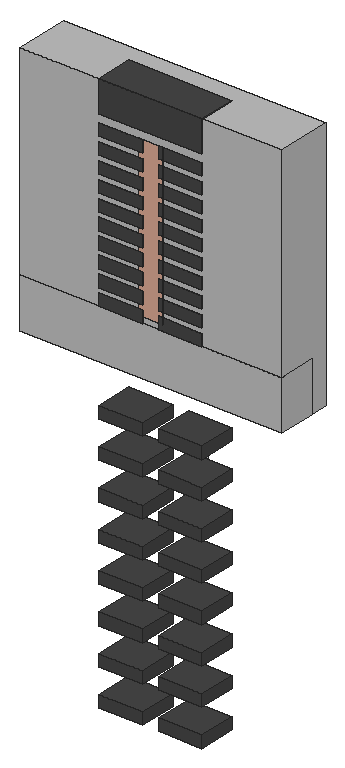
Revit family "Circuit-Breaker-Panel", category Electrical Fixtures, host Wall, Revit 2026
Family settings
  Host = Wall
  Round Connector Dimension = Use Diameter
  Part Type = Normal
  Classification Number = 23.80.40.14
  Always vertical = Yes
  Cut with Voids When Loaded = No
  Maintain Annotation Orientation = No
  Shared = No
  Room Calculation Point = No
Parameters (values of type "100A Panel")
  bbheight = if(Maximum Amps < 200, 0' 10", 1' 8")  # 0' - 10"
  Warranty Duration (Years) = 2
  UL Listed = yes
  Type Comments = "200A Electrical Service Panel"
  Test Data = ""
  Product Properties = "http://www.arcat.com/bim/bim_info.pl?fn=Circuit-Breaker-Panel"
  Manufacturer Website = "http://www.arcat.com/"
  Manufacturer Phone - Toll Free = ""
  Manufacturer Phone = "(203) 939-9444"  # constant formula
  Manufacturer Fax = "(203) 939-2444"  # constant formula
  Manufacturer Email = "bim@arcat.com"  # constant formula
  Manufacturer Address = "1077 Bridgeport Ave, Shelton, CT  06484"  # constant formula
  Lug Count = 40
  Specification = "http://www.arcat.com/divs/sec/sec16410.shtml"
  Sales Information = ""
  Product Data = "http://www.arcat.com/divs/sec/sec16410.shtml"
  Mounting Height = 5' - 0"
  Model = "Generic"
  Manufacturer = "Generic"
  Maintainence Schedule (Months) = 24
  Keynote = "16410"
  Installation_Fabricaton = ""
  Installation Phase = "Rough Electrical"
  Gross Width = 1' - 4 1/2"
  Gross Projection = 0' - 0 1/4"
  Gross Height = if(Maximum Amps < 200, 1' 4", 2' 6")  # 1' - 4"
  Gross Depth = 0' - 3 1/2"
  Green Building-LEED = "http://www.arcat.com/green/green_building.shtml"
  Finish [instance] = Steel - Gray
  Expected Lifespan (Years) = 50
  Drawn By = "Robert S. Weygant, CSI, CDT, SCIP"  # constant formula
  Description = "200A Electrical Service Panel"
  Default Elevation = 0' - 0"
  Copyright = "2008, ARCAT, Inc."  # constant formula
  Construction Details = "http://www.arcat.com/divs/sec/sec16410.shtml"
  Circuit 9 - (NAME) = 15
  Circuit 8 - (NAME) = 20
  Circuit 7 - (NAME) = 10
  Circuit 6 - (NAME) = 10
  Circuit 5 - (NAME) = 30
  Circuit 4 - (NAME) = 10
  Circuit 3 - (NAME) = 15
  Circuit 2 - (NAME) = 10
  Circuit 1 - (NAME) = 20
  CircArray = if(Maximum Amps < 200, 10, 20)  # 10
  Building Codes = "http://www.nfpa.org/freecodes/free_access_agreement.asp?id=7008SB"
  Assembly Code = "D5010200"
  Maximum Amps = 100
Types (3): name | bbheight | Mounting Height | Gross Height | Circuit 8 - (NAME) | Circuit 7 - (NAME) | Circuit 5 - (NAME) | Circuit 4 - (NAME) | Circuit 3 - (NAME) | Circuit 2 - (NAME) | Circuit 1 - (NAME) | CircArray | Maximum Amps
  (no name) | 0' - 10" | 5' - 0" | 1' - 4" | 20 | 10 | 30 | 10 | 15 | 10 | 20 | 10 | 100
  200A Panel | 1' - 8" | 6' - 0" | 2' - 6" | 10 | 20 | 20 | 30 | 10 | 15 | 10 | 20 | 200
  100A Panel | 0' - 10" | 5' - 0" | 1' - 4" | 20 | 10 | 30 | 10 | 15 | 10 | 20 | 10 | 100
Reference planes (in)
  plane 1: y = -1
  plane 2 "Center (Left/Right)": x = 0.0468
  plane 3 "Wall Edge": y = 2.5
  plane 4 "Top": z = 60
  plane 5: z = 44
  plane 6 "Left": x = 8.2968
  plane 7 "Right": x = -8.2032
  plane 8: z = 52
  plane 9 "Projection": y = 2.75
  plane 10 "Wall Face": y = 2.5
  plane 11: z = 0
  plane 12: x = 0.0468
  plane 13: z = 37.875
  plane 14: y = 3.25
Forms (in)
  Blend 1, solid, material "Steel - Gray" <- "Finish"
    base sketch origin (0, 3.25, 0) x (0, 0, -1) y (-1, 0, 0)
      loop
        line (-60, -8.2968) -> (-44, -8.2968) -> (-44, 8.2032) -> (-60, 8.2032) -> (-60, -8.2968)
    top sketch origin (0, 2.75, 0) x (0, 0, -1) y (-1, 0, 0)
      loop
        line (-59.75, -8.0468) -> (-44.25, -8.0468) -> (-44.25, 7.9532) -> (-59.75, 7.9532) -> (-59.75, -8.0468)
    from -0.75 to 0
  Extrusion 2, solid, material "Plastic - White", not visible
    sketch origin (-0.0782, 0, 0) x (0, 1, 0) y (0, 0, 1)
      loop
        line (3, 37.875) -> (3, 37.45959) -> (3.76386, 38.47327)
        arc (3.76386, 38.47327) -> (3.77584, 38.51958) -> (3.75156, 38.5608) r 0.0625
        line (3.75156, 38.5608) -> (3.65173, 38.63602)
        arc (3.65173, 38.63602) -> (3.60542, 38.648) -> (3.5642, 38.62372) r 0.0625
        line (3.5642, 38.62372) -> (3, 37.875)
    from 0 to 0.25
  Extrusion 3, solid, material "Plastic - White", not visible
    sketch origin (0, 3, 0) x (0, 0, 1) y (-1, 0, 0)
      loop
        line (38.42184, -0.21794) -> (38.42184, 0.12433) -> (37.37633, 0.12433) -> (37.37633, -0.21794) -> (38.42184, -0.21794)
      loop
        line (38.35789, -0.1718) -> (38.35789, 0.0782) -> (37.45959, 0.0782) -> (37.45959, -0.1718) -> (38.35789, -0.1718)
    from 0 to -0.3125
  Extrusion 4, solid, material "Steel - Gray" <- "Finish"
    sketch origin (0, 2.5, 0) x (0, 0, 1) y (-1, 0, 0)
      loop
        line (60, -8.2968) -> (60, 8.2032) -> (44, 8.2032) -> (44, -8.2968) -> (60, -8.2968)
    from 0 to 3.5
  Extrusion 5, void
    sketch origin (0, 2.5, 0) x (0, 0, 1) y (-1, 0, 0)
      loop
        line (59.75, -8.0468) -> (59.75, 7.9532) -> (44.25, 7.9532) -> (44.25, -8.0468) -> (59.75, -8.0468)
    from -0.25 to 3.4375
  Extrusion 6, solid, material "Copper"
    sketch origin (0.75, 2.5, 0) x (0, 0, 1) y (-1, 0, 0)
      loop
        line (57.51251, -0.0468) -> (57.51251, 1.4532) -> (47.51251, 1.4532) -> (47.51251, -0.0468) -> (57.51251, -0.0468)
    from 1.35876 to 3.5
  Extrusion 7, solid, material "Plastic - Black"
    sketch origin (-0.5, 2.5, 4.2834) x (0, 0, 1) y (-1, 0, 0)
      loop
        line (37.22911, -0.0468) -> (37.22911, 2.7032) -> (36.47911, 2.7032) -> (36.47911, -0.0468) -> (37.22911, -0.0468)
    from 1.13128 to 3.5
  Extrusion 8, solid, material "Plastic - Black"
    sketch origin (0.59361, 2.5, 4.2834) x (0, 0, 1) y (-1, 0, 0)
      loop
        line (37.22911, 0.0468) -> (36.47911, 0.0468) -> (36.47911, -2.7032) -> (37.22911, -2.7032) -> (37.22911, 0.0468)
    from 1.13128 to 3.5
  Extrusion 9, solid, material "Plastic - Black"
    sketch origin (-0.5, 2.5, 1.95007) x (0, 0, 1) y (-1, 0, 0)
      loop
        line (37.22911, -0.0468) -> (37.22911, 2.7032) -> (36.47911, 2.7032) -> (36.47911, -0.0468) -> (37.22911, -0.0468)
    from 1.13128 to 3.5
  Extrusion 10, solid, material "Plastic - Black"
    sketch origin (0.59361, 2.5, 1.95007) x (0, 0, 1) y (-1, 0, 0)
      loop
        line (37.22911, 0.0468) -> (36.47911, 0.0468) -> (36.47911, -2.7032) -> (37.22911, -2.7032) -> (37.22911, 0.0468)
    from 1.13128 to 3.5
  Extrusion 11, solid, material "Plastic - Black"
    sketch origin (-0.5, 2.5, -0.38327) x (0, 0, 1) y (-1, 0, 0)
      loop
        line (37.22911, -0.0468) -> (37.22911, 2.7032) -> (36.47911, 2.7032) -> (36.47911, -0.0468) -> (37.22911, -0.0468)
    from 1.13128 to 3.5
  Extrusion 12, solid, material "Plastic - Black"
    sketch origin (0.59361, 2.5, -0.38327) x (0, 0, 1) y (-1, 0, 0)
      loop
        line (37.22911, 0.0468) -> (36.47911, 0.0468) -> (36.47911, -2.7032) -> (37.22911, -2.7032) -> (37.22911, 0.0468)
    from 1.13128 to 3.5
  Extrusion 13, solid, material "Plastic - Black"
    sketch origin (-0.5, 2.5, -2.7166) x (0, 0, 1) y (-1, 0, 0)
      loop
        line (37.22911, -0.0468) -> (37.22911, 2.7032) -> (36.47911, 2.7032) -> (36.47911, -0.0468) -> (37.22911, -0.0468)
    from 1.13128 to 3.5
  Extrusion 14, solid, material "Plastic - Black"
    sketch origin (0.59361, 2.5, -2.7166) x (0, 0, 1) y (-1, 0, 0)
      loop
        line (37.22911, 0.0468) -> (36.47911, 0.0468) -> (36.47911, -2.7032) -> (37.22911, -2.7032) -> (37.22911, 0.0468)
    from 1.13128 to 3.5
  Extrusion 15, solid, material "Plastic - Black"
    sketch origin (-0.5, 2.5, -5.04993) x (0, 0, 1) y (-1, 0, 0)
      loop
        line (37.22911, -0.0468) -> (37.22911, 2.7032) -> (36.47911, 2.7032) -> (36.47911, -0.0468) -> (37.22911, -0.0468)
    from 1.13128 to 3.5
  Extrusion 16, solid, material "Plastic - Black"
    sketch origin (0.59361, 2.5, -5.04993) x (0, 0, 1) y (-1, 0, 0)
      loop
        line (37.22911, 0.0468) -> (36.47911, 0.0468) -> (36.47911, -2.7032) -> (37.22911, -2.7032) -> (37.22911, 0.0468)
    from 1.13128 to 3.5
  Extrusion 17, solid, material "Plastic - Black"
    sketch origin (-0.5, 2.5, -7.38327) x (0, 0, 1) y (-1, 0, 0)
      loop
        line (37.22911, -0.0468) -> (37.22911, 2.7032) -> (36.47911, 2.7032) -> (36.47911, -0.0468) -> (37.22911, -0.0468)
    from 1.13128 to 3.5
  Extrusion 18, solid, material "Plastic - Black"
    sketch origin (0.59361, 2.5, -7.38327) x (0, 0, 1) y (-1, 0, 0)
      loop
        line (37.22911, 0.0468) -> (36.47911, 0.0468) -> (36.47911, -2.7032) -> (37.22911, -2.7032) -> (37.22911, 0.0468)
    from 1.13128 to 3.5
  Extrusion 19, solid, material "Plastic - Black"
    sketch origin (-0.5, 2.5, -9.7166) x (0, 0, 1) y (-1, 0, 0)
      loop
        line (37.22911, -0.0468) -> (37.22911, 2.7032) -> (36.47911, 2.7032) -> (36.47911, -0.0468) -> (37.22911, -0.0468)
    from 1.13128 to 3.5
  Extrusion 20, solid, material "Plastic - Black"
    sketch origin (0.59361, 2.5, -9.7166) x (0, 0, 1) y (-1, 0, 0)
      loop
        line (37.22911, 0.0468) -> (36.47911, 0.0468) -> (36.47911, -2.7032) -> (37.22911, -2.7032) -> (37.22911, 0.0468)
    from 1.13128 to 3.5
  Extrusion 21, solid, material "Plastic - Black"
    sketch origin (-0.5, 2.5, -12.04993) x (0, 0, 1) y (-1, 0, 0)
      loop
        line (37.22911, -0.0468) -> (37.22911, 2.7032) -> (36.47911, 2.7032) -> (36.47911, -0.0468) -> (37.22911, -0.0468)
    from 1.13128 to 3.5
  Extrusion 22, solid, material "Plastic - Black"
    sketch origin (0.59361, 2.5, -12.04993) x (0, 0, 1) y (-1, 0, 0)
      loop
        line (37.22911, 0.0468) -> (36.47911, 0.0468) -> (36.47911, -2.7032) -> (37.22911, -2.7032) -> (37.22911, 0.0468)
    from 1.13128 to 3.5
  Extrusion 23, solid, material "Plastic - Black"
    sketch origin (-0.5, 2.5, 33.5334) x (0, 0, 1) y (-1, 0, 0)
      loop
        line (26.4666, -3.7968) -> (26.4666, 2.7032) -> (24.47911, 2.7032) -> (24.47911, -3.7968) -> (26.4666, -3.7968)
    from 1.13128 to 3.5
  Extrusion 24, solid, material "Steel - Gray"
    sketch origin (-0.5, 2.5, 7.5334) x (0, 0, 1) y (-1, 0, 0)
      loop
        line (39.61662, -8.7968) -> (39.61662, 7.7032) -> (36.4666, 7.7032) -> (36.4666, -8.7968) -> (39.61662, -8.7968)
    from 1.13128 to 3.5
Cuts and joins
  Extrusion 5 cuts Blend 1
  Extrusion 5 cuts Extrusion 4
  joined: Blend 1, Extrusion 4
Lines and regions (in)
  Opening 1
    outline origin (-60, -3.5, 0) x (1, 0, 0) y (0, 0, 1)
      loop
        line (68.2968, 60) -> (51.7968, 60) -> (51.7968, 44) -> (68.2968, 44) -> (68.2968, 60)
Text (in)
  text "Placement Side" at (0, 40.15149, 123.01588), in view "Right"
  text "Placement Side" at (-29.34418, 75.36357, 0), in view "A101 - Plan View"
  text "Placement Side" at (0, 81.62555, 140.59947), in view "A-202 - Side Elevation"
Dimensions and locks (in)
  locked: plane 3 "Wall Edge" to host wall
  equal spacing: plane 5, plane 8, plane 4 "Top"
  equal spacing: plane 7 "Right", plane 2 "Center (Left/Right)", plane 6 "Left"
  "Gross Width": plane 7 "Right" to plane 6 "Left"
  "Gross Height": plane 5 to plane 4 "Top"
  "Gross Projection": plane 9 "Projection" to plane 10 "Wall Face"
  "Mounting Height": plane 11 to plane 4 "Top"
  "Gross Depth": plane 10 "Wall Face" to plane 1
  locked: cut or joined group of Blend 1, Extrusion 4, Extrusion 5 to cut or joined group of Blend 1, Extrusion 4, Extrusion 5 at 0.0625
  equal spacing: Extrusion 6, plane 2 "Center (Left/Right)", Extrusion 6
  locked: plane 4 "Top" to Extrusion 6 at 2.48749
  "bbheight": Extrusion 6 to Extrusion 6
  equal spacing: group 10, group 11, group 12, group 13, group 14, group 15, group 16, group 17, group 18, group 19  (x2)
  equal spacing: group 19, group 18, group 17, group 16, group 15, group 14, group 13, group 12, group 11, group 10
  aligned and locked: plane 3 "Wall Edge" to plane 10 "Wall Face"
  aligned and locked: plane 11 to level
  aligned and locked: plane 6 "Left" to Blend 1 sketch curve
  aligned and locked: plane 4 "Top" to Blend 1 sketch curve
  aligned and locked: plane 5 to Blend 1 sketch curve
  aligned and locked: Blend 1 sketch curve to plane 7 "Right"
  aligned and locked: plane 10 "Wall Face" to Blend 1
  aligned and locked: plane 9 "Projection" to Blend 1
  aligned and locked: host wall to Extrusion 4 sketch curve
  aligned and locked: Extrusion 4 sketch curve to host wall  (x3)
  aligned and locked: Extrusion 5 sketch curve to cut or joined group of Blend 1, Extrusion 4, Extrusion 5  (x3)
  aligned and locked: cut or joined group of Blend 1, Extrusion 4, Extrusion 5 to Extrusion 5 sketch curve
  aligned and locked: cut or joined group of Blend 1, Extrusion 4, Extrusion 5 to cut or joined group of Blend 1, Extrusion 4, Extrusion 5
  aligned and locked: plane 1 to Extrusion 6
  aligned and locked: Extrusion 24 to plane 5
  aligned and locked: plane 4 "Top" to Extrusion 23
  aligned and locked: Extrusion 24 to plane 7 "Right"
  aligned and locked: Extrusion 24 to plane 6 "Left"
  aligned and locked: Extrusion 6 to nested 1
  aligned and locked: nested 2 to Extrusion 6
  aligned and locked: nested 2 to plane 1
  aligned and locked: plane 1 to nested 1
Automatic sketch dimensions
  Extrusion 2 sketch curve to Extrusion 2 sketch curve = 0' - 0.04991"  (x2)
  Extrusion 2 sketch curve to Extrusion 2 sketch curve = 0' - 0.03761"  (x4)
  Extrusion 2 sketch curve to Extrusion 2 sketch curve = 0' - 0.09983"
  Extrusion 2 sketch curve to Extrusion 2 sketch curve = 0' - 0.07523"
  Extrusion 3 sketch curve to Extrusion 3 sketch curve = 0' - 0.08326"
  Extrusion 3 sketch curve to Extrusion 3 sketch curve = 0' - 0.06395"
  Extrusion 3 sketch curve to Extrusion 3 sketch curve = 0' - 0.04613"  (x2)
  Extrusion 2 sketch curve to Extrusion 2 sketch curve = 0' - 0.5642"
  Extrusion 2 sketch curve to Extrusion 2 sketch curve = 0' - 0.41541"
  Extrusion 2 sketch curve to Extrusion 2 sketch curve = 0' - 0.59827"
  Extrusion 3 sketch curve to Extrusion 3 sketch curve = 0' - 0.8983"
  Extrusion 3 sketch curve to Extrusion 3 sketch curve = 0' - 0 1/4"
  Extrusion 7 sketch curve to Extrusion 7 sketch curve = 0' - 0 3/4"
  Extrusion 7 sketch curve to Extrusion 7 sketch curve = 0' - 2 3/4"
  Extrusion 8 sketch curve to Extrusion 8 sketch curve = 0' - 0 3/4"
  Extrusion 8 sketch curve to Extrusion 8 sketch curve = 0' - 2 3/4"
  Extrusion 9 sketch curve to Extrusion 9 sketch curve = 0' - 0 3/4"
  Extrusion 9 sketch curve to Extrusion 9 sketch curve = 0' - 2 3/4"
  Extrusion 10 sketch curve to Extrusion 10 sketch curve = 0' - 0 3/4"
  Extrusion 10 sketch curve to Extrusion 10 sketch curve = 0' - 2 3/4"
  Extrusion 11 sketch curve to Extrusion 11 sketch curve = 0' - 0 3/4"
  Extrusion 11 sketch curve to Extrusion 11 sketch curve = 0' - 2 3/4"
  Extrusion 12 sketch curve to Extrusion 12 sketch curve = 0' - 0 3/4"
  Extrusion 12 sketch curve to Extrusion 12 sketch curve = 0' - 2 3/4"
  Extrusion 13 sketch curve to Extrusion 13 sketch curve = 0' - 0 3/4"
  Extrusion 13 sketch curve to Extrusion 13 sketch curve = 0' - 2 3/4"
  Extrusion 14 sketch curve to Extrusion 14 sketch curve = 0' - 0 3/4"
  Extrusion 14 sketch curve to Extrusion 14 sketch curve = 0' - 2 3/4"
  Extrusion 15 sketch curve to Extrusion 15 sketch curve = 0' - 0 3/4"
  Extrusion 15 sketch curve to Extrusion 15 sketch curve = 0' - 2 3/4"
  Extrusion 16 sketch curve to Extrusion 16 sketch curve = 0' - 0 3/4"
  Extrusion 16 sketch curve to Extrusion 16 sketch curve = 0' - 2 3/4"
  Extrusion 17 sketch curve to Extrusion 17 sketch curve = 0' - 0 3/4"
  Extrusion 17 sketch curve to Extrusion 17 sketch curve = 0' - 2 3/4"
  Extrusion 18 sketch curve to Extrusion 18 sketch curve = 0' - 0 3/4"
  Extrusion 18 sketch curve to Extrusion 18 sketch curve = 0' - 2 3/4"
  Extrusion 19 sketch curve to Extrusion 19 sketch curve = 0' - 0 3/4"
  Extrusion 19 sketch curve to Extrusion 19 sketch curve = 0' - 2 3/4"
  Extrusion 20 sketch curve to Extrusion 20 sketch curve = 0' - 0 3/4"
  Extrusion 20 sketch curve to Extrusion 20 sketch curve = 0' - 2 3/4"
  Extrusion 21 sketch curve to Extrusion 21 sketch curve = 0' - 0 3/4"
  Extrusion 21 sketch curve to Extrusion 21 sketch curve = 0' - 2 3/4"
  Extrusion 22 sketch curve to Extrusion 22 sketch curve = 0' - 0 3/4"
  Extrusion 22 sketch curve to Extrusion 22 sketch curve = 0' - 2 3/4"
  Blend 1 sketch curve to plane 4 "Top" = 0' - 0 1/4"
  plane 5 to Blend 1 sketch curve = 0' - 0 1/4"
  plane 6 "Left" to Blend 1 sketch curve = 0' - 0 1/4"
  plane 7 "Right" to Blend 1 sketch curve = 0' - 0 1/4"
  Opening 1 sketch curve to plane 4 "Top" = 0' - 0"
  Opening 1 sketch curve to plane 7 "Right" = 0' - 0"
  Opening 1 sketch curve to plane 5 = 0' - 0"
  Opening 1 sketch curve to plane 6 "Left" = 0' - 0"
  plane 2 "Center (Left/Right)" to Extrusion 6 sketch curve = 0' - 0 3/4"
  Extrusion 6 sketch curve to plane 8 = 0' - 4.48749"
  Extrusion 6 sketch curve to plane 4 "Top" = 0' - 2.48749"
  Extrusion 6 sketch curve to plane 2 "Center (Left/Right)" = 0' - 0 3/4"
  Extrusion 23 sketch curve to plane 4 "Top" = 0' - 1.98749"
  Extrusion 23 sketch curve to plane 4 "Top" = 0' - 0"
  plane 2 "Center (Left/Right)" to Extrusion 23 sketch curve = 0' - 3 1/4"
  Extrusion 23 sketch curve to plane 2 "Center (Left/Right)" = 0' - 3 1/4"
  plane 5 to Extrusion 24 sketch curve = 0' - 0"
  Extrusion 24 sketch curve to Extrusion 24 sketch curve = 0' - 3.15002"
  plane 2 "Center (Left/Right)" to Extrusion 24 sketch curve = 0' - 8 1/4"
  Extrusion 24 sketch curve to plane 2 "Center (Left/Right)" = 0' - 8 1/4"
Nested families (in)
  nested 1: "Breaker" at (0.5468, -1, 56.76251), type "Breaker"
  nested 2: "Breaker" at (-0.4532, -1, 56.76251) x (-1, 0, 0) z (0, 0, 1), type "Breaker"
  nested 3: "Breaker" at (0.5468, -1, 55.69233), type "Breaker"
  nested 4: "Breaker" at (-0.4532, -1, 55.69233) x (-1, 0, 0) z (0, 0, 1), type "Breaker"
  nested 5: "Breaker" at (0.5468, -1, 54.62215), type "Breaker"
  nested 6: "Breaker" at (-0.4532, -1, 54.62215) x (-1, 0, 0) z (0, 0, 1), type "Breaker"
  nested 7: "Breaker" at (0.5468, -1, 53.55198), type "Breaker"
  nested 8: "Breaker" at (-0.4532, -1, 53.55198) x (-1, 0, 0) z (0, 0, 1), type "Breaker"
  nested 9: "Breaker" at (0.5468, -1, 52.4818), type "Breaker"
  nested 10: "Breaker" at (-0.4532, -1, 52.4818) x (-1, 0, 0) z (0, 0, 1), type "Breaker"
  nested 11: "Breaker" at (0.5468, -1, 51.41163), type "Breaker"
  nested 12: "Breaker" at (-0.4532, -1, 51.41163) x (-1, 0, 0) z (0, 0, 1), type "Breaker"
  nested 13: "Breaker" at (0.5468, -1, 50.34145), type "Breaker"
  nested 14: "Breaker" at (-0.4532, -1, 50.34145) x (-1, 0, 0) z (0, 0, 1), type "Breaker"
  nested 15: "Breaker" at (0.5468, -1, 49.27128), type "Breaker"
  nested 16: "Breaker" at (-0.4532, -1, 49.27128) x (-1, 0, 0) z (0, 0, 1), type "Breaker"
  nested 17: "Breaker" at (0.5468, -1, 48.2011), type "Breaker"
  nested 18: "Breaker" at (-0.4532, -1, 48.2011) x (-1, 0, 0) z (0, 0, 1), type "Breaker"
  nested 19: "Breaker" at (0.5468, -1, 47.13093), type "Breaker"
  nested 20: "Breaker" at (-0.4532, -1, 47.13093) x (-1, 0, 0) z (0, 0, 1), type "Breaker"
Definition of nested family "Breaker"
  Parameters
    Warranty Duration (Years) = 0
    Test Data = ""
    Specification = ""
    Sales Information = ""
    Product Data = ""
    Phone - Toll Free = ""
    Phone - Local = "(203) 929-9444"  # constant formula
    Maintainence Schedule (Months) = 0
    LEED_Green Building = ""
    Installation_Fabricaton = ""
    Installation Phase = ""
    Fax = "(203) 939-2444"  # constant formula
    Expected Lifespan (Years) = 0
    Email = "bim@arcat.com"  # constant formula
    Drawn By = "Robert S. Weygant. CSI, CDT, SCIP"  # constant formula
    Default Elevation = 0' - 0"
    Copyright = "2007, ARCAT, Inc."  # constant formula
    Construction Details = ""
    Company = "Sumex Design"  # constant formula
    Building Codes = ""
    Address = "1077 Bridgeport Ave, Shelton, CT  06484"  # constant formula
  Reference planes (in)
    plane 1 "Center (Front/Back)": y = 0
    plane 2: z = 0
    plane 3 "Center (Left/Right)": x = 0
  Forms (in)
    Extrusion 1, solid
      sketch origin (0.0468, 3.5, -36.47911) x (0, 0, 1) y (-1, 0, 0)
        loop
          line (37.22911, 0.0468) -> (36.47911, 0.0468) -> (36.47911, -2.7032) -> (37.22911, -2.7032) -> (37.22911, 0.0468)
      from 1.13128 to 3.5
